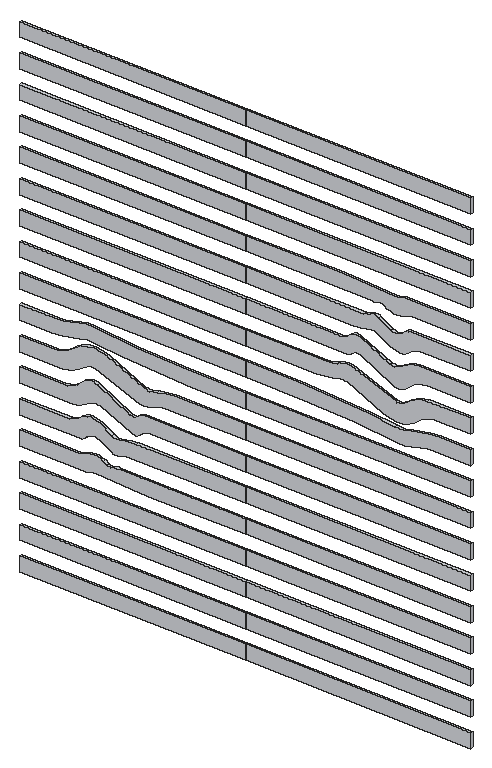
Revit family "Stacked Surfaces 016", category Modelos genéricos, Revit 2020
Family settings
  Anfitrión = Muro
  Puede alojar armadura = No
  Cota de conector redondo = Diámetro de uso
  Tipo de pieza = Normal
  Siempre vertical = Sí
  Corte con vacíos al cargar = No
  Compartido = No
  Punto de cálculo de habitación = No
Parameters
  URL = "https://www.csiposhfelt.com/products/surfaces/stacked-surfaces-016"
  Modelo = "Stacked Surfaces 016"
  Fabricante = "CSI PoshFelt"
  Elevación por defecto = 0' - 0"
Reference planes (in)
  plane 1: y = 0
  plane 2 "Center (Left/Right)": x = 0
  plane 3 "Wall Edge": y = 3
Forms (in)
  Extrusion 1, solid
    sketch origin (0, 3, 0) x (1, 0, 0) y (0, 0, 1)
      loop
        line (-48, 0) -> (0, 0) -> (0, 3) -> (-48, 3) -> (-48, 0)
      loop
        line (-48, 6) -> (0, 6) -> (0, 9) -> (-48, 9) -> (-48, 6)
      loop
        line (-48, 12) -> (0, 12) -> (0, 15) -> (-48, 15) -> (-48, 12)
      loop
        line (-48, 18) -> (0, 18) -> (0, 21) -> (-48, 21) -> (-48, 18)
      loop
        line (-48, 24) -> (-34.48559, 24)
        arc (-34.48559, 24) -> (-34.00415, 24.03156) -> (-33.53095, 24.12568) r 3.68845
        line (-33.53095, 24.12568) -> (-32.71409, 24.34456)
        arc (-32.71409, 24.34456) -> (-32.2141, 24.43853) -> (-31.70564, 24.45569) r 3.34926
        line (-31.70564, 24.45569) -> (-22.4655, 24.0647)
        arc (-22.4655, 24.0647) -> (-20.93607, 24.01618) -> (-19.40595, 24) r 72.37099
        line (-19.40595, 24) -> (0, 24) -> (0, 27) -> (-26.62565, 27)
        arc (-26.62565, 27) -> (-27.32928, 26.95388) -> (-28.02087, 26.81632) r 5.3907
        line (-28.02087, 26.81632) -> (-28.29249, 26.74353)
        arc (-28.29249, 26.74353) -> (-28.92438, 26.70212) -> (-29.52402, 26.90567) r 1.62295
        line (-29.52402, 26.90567) -> (-30.21122, 27.30243)
        arc (-30.21122, 27.30243) -> (-31.96703, 27.83086) -> (-33.77415, 27.52034) r 4
        line (-33.77415, 27.52034) -> (-34.34452, 27.27823)
        arc (-34.34452, 27.27823) -> (-35.0143, 27.07026) -> (-35.71208, 27) r 3.5
        line (-35.71208, 27) -> (-48, 27) -> (-48, 24)
      loop
        line (-48, 30) -> (-35.21047, 30)
        arc (-35.21047, 30) -> (-34.54077, 30.13321) -> (-33.97303, 30.51256) r 1.75
        line (-33.97303, 30.51256) -> (-33.75021, 30.73539)
        arc (-33.75021, 30.73539) -> (-32.4529, 31.37515) -> (-31.03422, 31.09295) r 2.25
        line (-31.03422, 31.09295) -> (-28.52188, 29.64246)
        arc (-28.52188, 29.64246) -> (-27.75371, 29.41126) -> (-26.9631, 29.54712) r 1.75
        line (-26.9631, 29.54712) -> (-26.50483, 29.74164)
        arc (-26.50483, 29.74164) -> (-25.8829, 29.93476) -> (-25.23495, 30) r 3.25
        line (-25.23495, 30) -> (0, 30) -> (0, 33) -> (-23.18879, 33)
        arc (-23.18879, 33) -> (-24.49191, 32.92752) -> (-25.77896, 32.71096) r 11.75
        line (-25.77896, 32.71096) -> (-26.49171, 32.54987)
        arc (-26.49171, 32.54987) -> (-27.51069, 32.51338) -> (-28.47292, 32.85066) r 2.75
        line (-28.47292, 32.85066) -> (-31.0228, 34.32283)
        arc (-31.0228, 34.32283) -> (-32.92547, 34.78841) -> (-34.78032, 34.15877) r 3.5
        line (-34.78032, 34.15877) -> (-35.72495, 33.49733)
        arc (-35.72495, 33.49733) -> (-36.47534, 33.12728) -> (-37.30228, 33) r 2.75
        line (-37.30228, 33) -> (-48, 33) -> (-48, 30)
      loop
        line (-48, 36) -> (-36.86579, 36)
        arc (-36.86579, 36) -> (-35.28708, 36.24299) -> (-33.85451, 36.94945) r 5.25
        line (-33.85451, 36.94945) -> (-33.27381, 37.35607)
        arc (-33.27381, 37.35607) -> (-32.10119, 37.79449) -> (-30.86304, 37.60945) r 2.5
        line (-30.86304, 37.60945) -> (-24.27534, 34.81314)
        arc (-24.27534, 34.81314) -> (-23.25765, 34.70617) -> (-22.35413, 35.18658) r 1.75
        line (-22.35413, 35.18658) -> (-22.12649, 35.41421)
        arc (-22.12649, 35.41421) -> (-21.47765, 35.84776) -> (-20.71228, 36) r 2
        line (-20.71228, 36) -> (0, 36) -> (0, 39) -> (-21.5208, 39)
        arc (-21.5208, 39) -> (-22.1905, 38.86679) -> (-22.75824, 38.48744) r 1.75
        line (-22.75824, 38.48744) -> (-22.82775, 38.41793)
        arc (-22.82775, 38.41793) -> (-23.64084, 37.99916) -> (-24.54596, 38.1304) r 1.5
        line (-24.54596, 38.1304) -> (-31.34102, 41.44456)
        arc (-31.34102, 41.44456) -> (-32.7623, 41.7144) -> (-34.12387, 41.22555) r 2.75
        line (-34.12387, 41.22555) -> (-35.94633, 39.94945)
        arc (-35.94633, 39.94945) -> (-37.3789, 39.24299) -> (-38.9576, 39) r 5.25
        line (-38.9576, 39) -> (-48, 39) -> (-48, 36)
      loop
        line (-48, 42) -> (-38.8364, 42)
        arc (-38.8364, 42) -> (-36.95699, 42.28927) -> (-35.25155, 43.1303) r 6.25
        line (-35.25155, 43.1303) -> (-33.80002, 44.14667)
        arc (-33.80002, 44.14667) -> (-32.91392, 44.49126) -> (-31.96882, 44.38776) r 2
        line (-31.96882, 44.38776) -> (-23.24402, 41.21219)
        arc (-23.24402, 41.21219) -> (-21.67918, 40.95734) -> (-20.12982, 41.29373) r 4.25
        line (-20.12982, 41.29373) -> (-19.77692, 41.44353)
        arc (-19.77692, 41.44353) -> (-18.43737, 41.85947) -> (-17.0418, 42) r 7
        line (-17.0418, 42) -> (0, 42) -> (0, 45) -> (-15.1964, 45)
        arc (-15.1964, 45) -> (-16.89325, 44.88878) -> (-18.56105, 44.55704) r 13
        line (-18.56105, 44.55704) -> (-19.78089, 44.23018)
        arc (-19.78089, 44.23018) -> (-20.76662, 44.13527) -> (-21.72954, 44.36644) r 3
        line (-21.72954, 44.36644) -> (-29.44704, 47.64233)
        arc (-29.44704, 47.64233) -> (-32.91386, 48.16045) -> (-36.19719, 46.93286) r 7
        line (-36.19719, 46.93286) -> (-37.40794, 46.08509)
        arc (-37.40794, 46.08509) -> (-39.04516, 45.2777) -> (-40.8494, 45) r 6
        line (-40.8494, 45) -> (-48, 45) -> (-48, 42)
      loop
        line (-48, 48) -> (-41.14032, 48)
        arc (-41.14032, 48) -> (-38.85611, 48.14971) -> (-36.61099, 48.5963) r 17.5
        line (-36.61099, 48.5963) -> (-35.28677, 48.95112)
        arc (-35.28677, 48.95112) -> (-33.58391, 49.24875) -> (-31.85526, 49.24097) r 9.75
        line (-31.85526, 49.24097) -> (-26.03382, 48.69645)
        arc (-26.03382, 48.69645) -> (-18.5799, 48.17421) -> (-11.10973, 48) r 160.25
        line (-11.10973, 48) -> (0, 48) -> (0, 51) -> (-13.82846, 51)
        arc (-13.82846, 51) -> (-18.58397, 51.09815) -> (-23.33139, 51.39245) r 115.25
        line (-23.33139, 51.39245) -> (-32.54283, 52.15457)
        arc (-32.54283, 52.15457) -> (-34.04749, 52.14925) -> (-35.52898, 51.88622) r 8.75
        line (-35.52898, 51.88622) -> (-37.46936, 51.3663)
        arc (-37.46936, 51.3663) -> (-38.84851, 51.09197) -> (-40.25167, 51) r 10.75
        line (-40.25167, 51) -> (-48, 51) -> (-48, 48)
      loop
        line (-48, 54) -> (0, 54) -> (0, 57) -> (-48, 57) -> (-48, 54)
      loop
        line (-48, 60) -> (0, 60) -> (0, 63) -> (-48, 63) -> (-48, 60)
      loop
        line (-48, 66) -> (0, 66) -> (0, 69) -> (-48, 69) -> (-48, 66)
      loop
        line (-48, 72) -> (0, 72) -> (0, 75) -> (-48, 75) -> (-48, 72)
      loop
        line (-48, 78) -> (0, 78) -> (0, 81) -> (-48, 81) -> (-48, 78)
      loop
        line (-48, 84) -> (0, 84) -> (0, 87) -> (-48, 87) -> (-48, 84)
      loop
        line (-48, 90) -> (0, 90) -> (0, 93) -> (-48, 93) -> (-48, 90)
      loop
        line (-48, 96) -> (0, 96) -> (0, 99) -> (-48, 99) -> (-48, 96)
      loop
        line (-48, 102) -> (0, 102) -> (0, 105) -> (-48, 105) -> (-48, 102)
    from 0 to -0.5
  Extrusion 2, solid
    sketch origin (0, 3, 105) x (-1, 0, 0) y (0, 0, -1)
      loop
        line (-48, 0) -> (0, 0) -> (0, 3) -> (-48, 3) -> (-48, 0)
      loop
        line (-48, 6) -> (0, 6) -> (0, 9) -> (-48, 9) -> (-48, 6)
      loop
        line (-48, 12) -> (0, 12) -> (0, 15) -> (-48, 15) -> (-48, 12)
      loop
        line (-48, 18) -> (0, 18) -> (0, 21) -> (-48, 21) -> (-48, 18)
      loop
        line (-48, 24) -> (-34.48559, 24)
        arc (-34.48559, 24) -> (-34.00415, 24.03156) -> (-33.53095, 24.12568) r 3.68845
        line (-33.53095, 24.12568) -> (-32.71409, 24.34456)
        arc (-32.71409, 24.34456) -> (-32.2141, 24.43853) -> (-31.70564, 24.45569) r 3.34926
        line (-31.70564, 24.45569) -> (-22.4655, 24.0647)
        arc (-22.4655, 24.0647) -> (-20.93607, 24.01618) -> (-19.40595, 24) r 72.37099
        line (-19.40595, 24) -> (0, 24) -> (0, 27) -> (-26.62565, 27)
        arc (-26.62565, 27) -> (-27.32928, 26.95388) -> (-28.02087, 26.81632) r 5.3907
        line (-28.02087, 26.81632) -> (-28.29249, 26.74353)
        arc (-28.29249, 26.74353) -> (-28.92438, 26.70212) -> (-29.52402, 26.90567) r 1.62295
        line (-29.52402, 26.90567) -> (-30.21122, 27.30243)
        arc (-30.21122, 27.30243) -> (-31.96703, 27.83086) -> (-33.77415, 27.52034) r 4
        line (-33.77415, 27.52034) -> (-34.34452, 27.27823)
        arc (-34.34452, 27.27823) -> (-35.0143, 27.07026) -> (-35.71208, 27) r 3.5
        line (-35.71208, 27) -> (-48, 27) -> (-48, 24)
      loop
        line (-48, 30) -> (-35.21047, 30)
        arc (-35.21047, 30) -> (-34.54077, 30.13321) -> (-33.97303, 30.51256) r 1.75
        line (-33.97303, 30.51256) -> (-33.75021, 30.73539)
        arc (-33.75021, 30.73539) -> (-32.4529, 31.37515) -> (-31.03422, 31.09295) r 2.25
        line (-31.03422, 31.09295) -> (-28.52188, 29.64246)
        arc (-28.52188, 29.64246) -> (-27.75371, 29.41126) -> (-26.9631, 29.54712) r 1.75
        line (-26.9631, 29.54712) -> (-26.50483, 29.74164)
        arc (-26.50483, 29.74164) -> (-25.8829, 29.93476) -> (-25.23495, 30) r 3.25
        line (-25.23495, 30) -> (0, 30) -> (0, 33) -> (-23.18879, 33)
        arc (-23.18879, 33) -> (-24.49191, 32.92752) -> (-25.77896, 32.71096) r 11.75
        line (-25.77896, 32.71096) -> (-26.49171, 32.54987)
        arc (-26.49171, 32.54987) -> (-27.51069, 32.51338) -> (-28.47292, 32.85066) r 2.75
        line (-28.47292, 32.85066) -> (-31.0228, 34.32283)
        arc (-31.0228, 34.32283) -> (-32.92547, 34.78841) -> (-34.78032, 34.15877) r 3.5
        line (-34.78032, 34.15877) -> (-35.72495, 33.49733)
        arc (-35.72495, 33.49733) -> (-36.47534, 33.12728) -> (-37.30228, 33) r 2.75
        line (-37.30228, 33) -> (-48, 33) -> (-48, 30)
      loop
        line (-48, 36) -> (-36.86579, 36)
        arc (-36.86579, 36) -> (-35.28708, 36.24299) -> (-33.85451, 36.94945) r 5.25
        line (-33.85451, 36.94945) -> (-33.27381, 37.35607)
        arc (-33.27381, 37.35607) -> (-32.10119, 37.79449) -> (-30.86304, 37.60945) r 2.5
        line (-30.86304, 37.60945) -> (-24.27534, 34.81314)
        arc (-24.27534, 34.81314) -> (-23.25765, 34.70617) -> (-22.35413, 35.18658) r 1.75
        line (-22.35413, 35.18658) -> (-22.12649, 35.41421)
        arc (-22.12649, 35.41421) -> (-21.47765, 35.84776) -> (-20.71228, 36) r 2
        line (-20.71228, 36) -> (0, 36) -> (0, 39) -> (-21.5208, 39)
        arc (-21.5208, 39) -> (-22.1905, 38.86679) -> (-22.75824, 38.48744) r 1.75
        line (-22.75824, 38.48744) -> (-22.82775, 38.41793)
        arc (-22.82775, 38.41793) -> (-23.64084, 37.99916) -> (-24.54596, 38.1304) r 1.5
        line (-24.54596, 38.1304) -> (-31.34102, 41.44456)
        arc (-31.34102, 41.44456) -> (-32.7623, 41.7144) -> (-34.12387, 41.22555) r 2.75
        line (-34.12387, 41.22555) -> (-35.94633, 39.94945)
        arc (-35.94633, 39.94945) -> (-37.3789, 39.24299) -> (-38.9576, 39) r 5.25
        line (-38.9576, 39) -> (-48, 39) -> (-48, 36)
      loop
        line (-48, 42) -> (-38.8364, 42)
        arc (-38.8364, 42) -> (-36.95699, 42.28927) -> (-35.25155, 43.1303) r 6.25
        line (-35.25155, 43.1303) -> (-33.80002, 44.14667)
        arc (-33.80002, 44.14667) -> (-32.91392, 44.49126) -> (-31.96882, 44.38776) r 2
        line (-31.96882, 44.38776) -> (-23.24402, 41.21219)
        arc (-23.24402, 41.21219) -> (-21.67918, 40.95734) -> (-20.12982, 41.29373) r 4.25
        line (-20.12982, 41.29373) -> (-19.77692, 41.44353)
        arc (-19.77692, 41.44353) -> (-18.43737, 41.85947) -> (-17.0418, 42) r 7
        line (-17.0418, 42) -> (0, 42) -> (0, 45) -> (-15.1964, 45)
        arc (-15.1964, 45) -> (-16.89325, 44.88878) -> (-18.56105, 44.55704) r 13
        line (-18.56105, 44.55704) -> (-19.78089, 44.23018)
        arc (-19.78089, 44.23018) -> (-20.76662, 44.13527) -> (-21.72954, 44.36644) r 3
        line (-21.72954, 44.36644) -> (-29.44704, 47.64233)
        arc (-29.44704, 47.64233) -> (-32.91386, 48.16045) -> (-36.19719, 46.93286) r 7
        line (-36.19719, 46.93286) -> (-37.40794, 46.08509)
        arc (-37.40794, 46.08509) -> (-39.04516, 45.2777) -> (-40.8494, 45) r 6
        line (-40.8494, 45) -> (-48, 45) -> (-48, 42)
      loop
        line (-48, 48) -> (-41.14032, 48)
        arc (-41.14032, 48) -> (-38.85611, 48.14971) -> (-36.61099, 48.5963) r 17.5
        line (-36.61099, 48.5963) -> (-35.28677, 48.95112)
        arc (-35.28677, 48.95112) -> (-33.58391, 49.24875) -> (-31.85526, 49.24097) r 9.75
        line (-31.85526, 49.24097) -> (-26.03382, 48.69645)
        arc (-26.03382, 48.69645) -> (-18.5799, 48.17421) -> (-11.10973, 48) r 160.25
        line (-11.10973, 48) -> (0, 48) -> (0, 51) -> (-13.82846, 51)
        arc (-13.82846, 51) -> (-18.58397, 51.09815) -> (-23.33139, 51.39245) r 115.25
        line (-23.33139, 51.39245) -> (-32.54283, 52.15457)
        arc (-32.54283, 52.15457) -> (-34.04749, 52.14925) -> (-35.52898, 51.88622) r 8.75
        line (-35.52898, 51.88622) -> (-37.46936, 51.3663)
        arc (-37.46936, 51.3663) -> (-38.84851, 51.09197) -> (-40.25167, 51) r 10.75
        line (-40.25167, 51) -> (-48, 51) -> (-48, 48)
      loop
        line (-48, 54) -> (0, 54) -> (0, 57) -> (-48, 57) -> (-48, 54)
      loop
        line (-48, 60) -> (0, 60) -> (0, 63) -> (-48, 63) -> (-48, 60)
      loop
        line (-48, 66) -> (0, 66) -> (0, 69) -> (-48, 69) -> (-48, 66)
      loop
        line (-48, 72) -> (0, 72) -> (0, 75) -> (-48, 75) -> (-48, 72)
      loop
        line (-48, 78) -> (0, 78) -> (0, 81) -> (-48, 81) -> (-48, 78)
      loop
        line (-48, 84) -> (0, 84) -> (0, 87) -> (-48, 87) -> (-48, 84)
      loop
        line (-48, 90) -> (0, 90) -> (0, 93) -> (-48, 93) -> (-48, 90)
      loop
        line (-48, 96) -> (0, 96) -> (0, 99) -> (-48, 99) -> (-48, 96)
      loop
        line (-48, 102) -> (0, 102) -> (0, 105) -> (-48, 105) -> (-48, 102)
    from 0 to -0.5
Lines and regions (in)
  reference lines
    curve 1: line (0, 3, 108) -> (0, 3, 0)
    curve 2: line (-48, 3, 108) -> (-48, 3, 0)
    curve 3: line (0, 3, 108) -> (-48, 3, 108)
    curve 4: line (0, 3, 0) -> (-48, 3, 0)
Text (in)
  text "Placement Side" at (0, 40.15149, 123.01588), in view "Right"
  text "Placement Side" at (-70.3804, 28.46503, 0), in view "Ref. Level"
  text "Placement Side" at (0, 81.62555, 140.59947), in view "Left"
Dimensions and locks (in)
  locked: plane 3 "Wall Edge" to host wall
